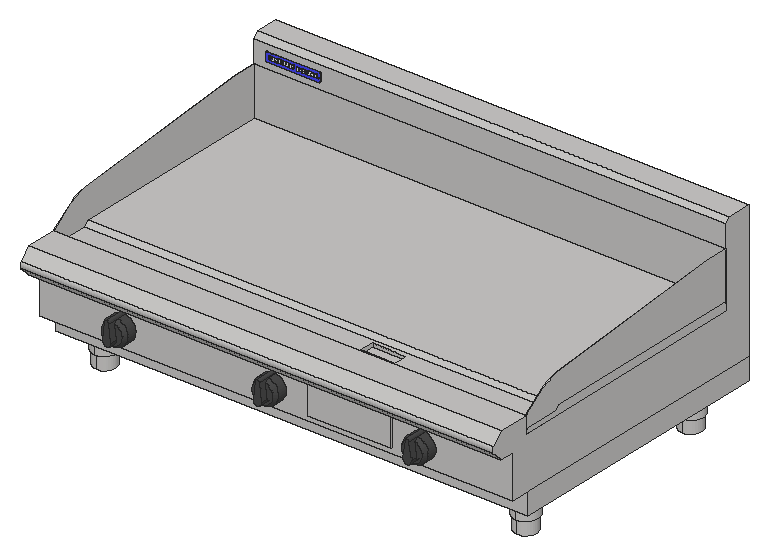
Revit family "QF_MOFFAT_BLUESEAL_AU_EP518-B", category Specialty Equipment, Revit 2012
Parameters
  Width [instance] = 1200 mm  # constant formula
  Weight in Pounds = 294  # constant formula
  Watts = 16200 W
  Volts = 400 V
  URL Cutsheet = "www.moffat.com"
  URL = "www.moffat.com"
  Type Mark [instance] = ""
  Status [instance] = ""
  Specification by User [instance] = ""
  Specification by Manufacturer = ""
  Show Logo [instance] = yes
  Serial Number = ""
  Seismic Rating = ""
  SMACNA No = ""
  Revision Code [instance] = ""
  Phase = 3
  Omniclass Number and Title = ""
  Number of Poles = 1
  NAFEM Spec ID Number = ""
  Model = "EP518-B"
  Min Ckt Ampacity = 0 A
  Max Overcurrent Protection = 0 A
  Masterspec = ""
  Manufacturer = "MOFFAT BLUESEAL"
  Item Number [instance] = ""
  Installed By [instance] = ""
  Identify Quantity as Lot [instance] = yes
  Height [instance] = 370 mm  # constant formula
  HP = ""
  Furnished By [instance] = ""
  Foodservice Equipment Identifier [instance] = yes
  FL Amps = 25 A
  Electrical Remarks [instance] = "25A PER PHASE"
  Elec Conn RI Height = 0 mm
  Elec Conn Connection Height = 0 mm
  Description = "1200MM ELECTRIC GRIDDLE PLATE BENCH MOUNT"
  Depth [instance] = 812 mm  # constant formula
  Cycle = 50 Hz
  Conn Plug = ""
  Conn Conduit = yes
  CSI MasterFormat = ""
  CSI Master Format = ""
  Base Height [instance] = 85 mm
  Apparent Power = if(Phase = 3, Volts * FL Amps * 1.73, Volts * FL Amps)  # 17300 VA
Reference planes
  plane 1 "BACK": y = 0
  plane 2: z = 0
  plane 3 "LEFT": x = 0
  plane 4 "RIGHT": x = 1200
  plane 5 "FRONT": y = -812
  plane 6 "TOP": z = 375
  plane 7 "Center Y": x = 600
  plane 8 "Center X": y = -406
  plane 9 "Base Height": z = 85
  plane 10: z = 485
  plane 11: y = -100
  plane 12: y = -625
  plane 13: x = 65.5
  plane 14: x = 1134.5
Forms (mm)
  Extrusion 1, solid, material "QF_Finishes_Stainless Steel"
    sketch origin (0, 0, 0) x (0, 1, 0) y (0, 0, 1)
      loop
        line (0, 140) -> (0, 485) -> (-57.5, 485) -> (-70, 472.5) -> (-70, 275) -> (-705, 275) -> (-705, 315) -> (-783.97, 315) -> (-808.485, 290.485)
        arc (-808.485, 290.485) -> (-811.999, 282) -> (-808.485, 273.515) r 12
        line (-808.485, 273.515) -> (-784.97, 250) -> (-749, 250) -> (-749, 140) -> (0, 140)
      loop
        line (0, 85) -> (0, 139) -> (-699, 139) -> (-699, 85) -> (0, 85)
    from 0 to 1200
  Revolve 2, solid, material "QF_Finishes_Stainless Steel"
    sketch origin (65.5, -210, 0) x (0, 1, 0) y (0, 0, 1)
      loop
        line (78.25, 85) -> (78.25, 35) -> (82.5, 35) -> (82.5, 0) -> (110, 0) -> (110, 85) -> (78.25, 85)
      axis (110, 85) -> (110, 0)
    angle from 0 to 360
  Extrusion 3, void
    sketch origin (0, -706, 134.206) x (0, 1, 0) y (-1, 0, 0)
      loop
        circle (674, -1070) r 13.5
    from 0 to -86.704
  Revolve 4, solid, material "QF_Finishes_Black"
    sketch origin (217.606, 7, -7.199) x (0, 1, 0) y (0, 0, -1)
      loop
        line (-789, -234.5) -> (-766, -234.5) -> (-766, -207) -> (-756, -207) -> (-756, -202) -> (-800, -202) -> (-800, -228.651) -> (-789, -234.5)
      axis (-800, -202) -> (-756, -202)
    angle from 0 to 360
  Extrusion 5, solid, material "QF_Finishes_Black"
    sketch origin (55.875, 0, -7.042) x (-1, 0, 0) y (0, 0, -1)
      loop
        line (-172.044, -191.036) -> (-166.624, -233.955)
        arc (-166.624, -233.955) -> (-161.625, -238.842) -> (-156.626, -233.955) r 5
        line (-156.626, -233.955) -> (-151.137, -189.869)
        arc (-151.137, -189.869) -> (-162.209, -179.37) -> (-172.044, -191.036) r 10.487
    from 759 to 808
  Revolve 6, solid, material "QF_Finishes_Stainless Steel"
    sketch origin (65.5, -728, 0) x (0, 1, 0) y (0, 0, 1)
      loop
        line (71.25, 85) -> (71.25, 35) -> (75.5, 35) -> (75.5, 0) -> (103, 0) -> (103, 85) -> (71.25, 85)
      axis (103, 85) -> (103, 0)
    angle from 0 to 360
  Extrusion 7, solid, material "QF_Finishes_Stainless Steel"
    sketch origin (0, -749, 266) x (0, 0, -1) y (1, 0, 0)
      loop
        line (25.201, 683) -> (112.1, 683) -> (112.1, 893) -> (25.201, 893) -> (25.201, 683)
    from 0 to 2.5
  Extrusion 8, solid, material "QF_Finishes_Stainless Steel"
    sketch origin (0, -751.5, 266) x (0, 0, -1) y (1, 0, 0)
      loop
        line (32.201, 893) -> (25.201, 893) -> (25.201, 683) -> (32.201, 683) -> (32.201, 893)
    from 0 to 5
  Extrusion 9, solid, material "QF_Finishes_Stainless Steel"
    sketch origin (0, -706, 134.206) x (0, 1, 0) y (-1, 0, 0)
      loop
        circle (673.862, -1069.75) r 6.35
    from 0 to -24.206
  Revolve 10, solid, material "QF_Finishes_Black"
    sketch origin (600, 7, -7.2) x (0, 1, 0) y (0, 0, -1)
      loop
        line (-789, -234.5) -> (-766, -234.5) -> (-766, -207) -> (-756, -207) -> (-756, -202) -> (-800, -202) -> (-800, -228.651) -> (-789, -234.5)
      axis (-800, -202) -> (-756, -202)
    angle from 0 to 360
  Extrusion 11, solid, material "QF_Finishes_Black"
    sketch origin (288.273, 0, -7.042) x (-1, 0, 0) y (0, 0, -1)
      loop
        line (-322.044, -191.036) -> (-316.624, -233.955)
        arc (-316.624, -233.955) -> (-311.625, -238.842) -> (-306.626, -233.955) r 5
        line (-306.626, -233.955) -> (-301.137, -189.869)
        arc (-301.137, -189.869) -> (-312.209, -179.37) -> (-322.044, -191.036) r 10.487
    from 759 to 808
  Revolve 12, solid, material "QF_Finishes_Stainless Steel"
    sketch origin (1134.5, -210, 0) x (0, 1, 0) y (0, 0, -1)
      loop
        line (78.25, -85) -> (110, -85) -> (110, 0) -> (82.5, 0) -> (82.5, -35) -> (78.25, -35) -> (78.25, -85)
      axis (110, -85) -> (110, 0)
    angle from 0 to 360
  Revolve 13, solid, material "QF_Finishes_Stainless Steel"
    sketch origin (1134.5, -728, 0) x (0, 1, 0) y (0, 0, -1)
      loop
        line (71.25, -85) -> (103, -85) -> (103, 0) -> (75.5, 0) -> (75.5, -35) -> (71.25, -35) -> (71.25, -85)
      axis (103, -85) -> (103, 0)
    angle from 0 to 360
  Revolve 14, solid, material "QF_Finishes_Black"
    sketch origin (980.116, 7, -7.2) x (0, 1, 0) y (0, 0, -1)
      loop
        line (-789, -234.5) -> (-766, -234.5) -> (-766, -207) -> (-756, -207) -> (-756, -202) -> (-800, -202) -> (-800, -228.651) -> (-789, -234.5)
      axis (-800, -202) -> (-756, -202)
    angle from 0 to 360
  Extrusion 15, solid, material "QF_Finishes_Black"
    sketch origin (668.389, 0, -7.042) x (-1, 0, 0) y (0, 0, -1)
      loop
        line (-322.044, -191.036) -> (-316.624, -233.955)
        arc (-316.624, -233.955) -> (-311.625, -238.842) -> (-306.626, -233.955) r 5
        line (-306.626, -233.955) -> (-301.137, -189.869)
        arc (-301.137, -189.869) -> (-312.209, -179.37) -> (-322.044, -191.036) r 10.487
    from 759 to 808
Cuts and joins
  joined: Revolve 4, Extrusion 5
  joined: Extrusion 7, Extrusion 8
  Extrusion 3 cuts Extrusion 1
Lines and regions (mm)
  Split face 1
    outline origin (1200, -749, 250) x (-1, 0, 0) y (0, 0, -1)
      loop
        circle (937.495, 45.2) r 7.15
  Split face 2
    outline origin (1200, -749, 250) x (-1, 0, 0) y (0, 0, -1)
      loop
        circle (937.495, 25.2) r 7.15
  Split face 3
    outline origin (495, -751.5, 153.9) x (1, 0, 0) y (0, 0, 1)
      loop
        arc (286, 77) -> (282, 73) -> (286, 69) r 4
        line (286, 69) -> (300, 69)
        arc (300, 69) -> (304, 73) -> (300, 77) r 4
        line (300, 77) -> (286, 77)
  Split face 4
    outline origin (1200, 0, 485) x (-1, 0, 0) y (0, -1, 0)
      loop
        arc (924, 45.385) -> (915.34, 40.385) -> (915.34, 30.385) r 10
        line (915.34, 30.385) -> (919.381, 23.385)
        arc (919.381, 23.385) -> (923.041, 19.725) -> (928.041, 18.385) r 10
        line (928.041, 18.385) -> (1156, 18.385)
        arc (1156, 18.385) -> (1164.66, 23.385) -> (1164.66, 33.385) r 10
        line (1164.66, 33.385) -> (1160.619, 40.385)
        arc (1160.619, 40.385) -> (1156.959, 44.045) -> (1151.959, 45.385) r 10
        line (1151.959, 45.385) -> (924, 45.385)
  Split face 5
    outline origin (1200, 0, 485) x (-1, 0, 0) y (0, -1, 0)
      loop
        arc (266, 18.385) -> (274.66, 23.385) -> (274.66, 33.385) r 10
        line (274.66, 33.385) -> (270.619, 40.385)
        arc (270.619, 40.385) -> (266.959, 44.045) -> (261.959, 45.385) r 10
        line (261.959, 45.385) -> (34, 45.385)
        arc (34, 45.385) -> (25.34, 40.385) -> (25.34, 30.385) r 10
        line (25.34, 30.385) -> (29.381, 23.385)
        arc (29.381, 23.385) -> (33.041, 19.725) -> (38.041, 18.385) r 10
        line (38.041, 18.385) -> (266, 18.385)
  Split face 6
    outline origin (1200, -749, 250) x (-1, 0, 0) y (0, 0, -1)
      loop
        circle (174.879, 45.2) r 7.15
  Split face 7
    outline origin (1200, -749, 250) x (-1, 0, 0) y (0, 0, -1)
      loop
        circle (174.879, 25.2) r 7.15
  Split face 8
    outline origin (1200, 0, 485) x (-1, 0, 0) y (0, -1, 0)
      loop
        line (636.021, 18.385) -> (863.979, 18.385)
        arc (863.979, 18.385) -> (872.64, 23.385) -> (872.64, 33.385) r 10
        line (872.64, 33.385) -> (868.598, 40.385)
        arc (868.598, 40.385) -> (864.938, 44.045) -> (859.938, 45.385) r 10
        line (859.938, 45.385) -> (631.979, 45.385)
        arc (631.979, 45.385) -> (623.319, 40.385) -> (623.319, 30.385) r 10
        line (623.319, 30.385) -> (627.36, 23.385)
        arc (627.36, 23.385) -> (631.021, 19.725) -> (636.021, 18.385) r 10
  Split face 9
    outline origin (1200, -749, 250) x (-1, 0, 0) y (0, 0, -1)
      loop
        circle (554.995, 25.2) r 7.15
  Split face 10
    outline origin (1200, -749, 250) x (-1, 0, 0) y (0, 0, -1)
      loop
        circle (554.995, 45.2) r 7.15
  Split face 11
    outline origin (1200, 0, 485) x (-1, 0, 0) y (0, -1, 0)
      loop
        arc (566, 18.385) -> (574.66, 23.385) -> (574.66, 33.385) r 10
        line (574.66, 33.385) -> (570.619, 40.385)
        arc (570.619, 40.385) -> (566.959, 44.045) -> (561.959, 45.385) r 10
        line (561.959, 45.385) -> (334, 45.385)
        arc (334, 45.385) -> (325.34, 40.385) -> (325.34, 30.385) r 10
        line (325.34, 30.385) -> (329.381, 23.385)
        arc (329.381, 23.385) -> (333.041, 19.725) -> (338.041, 18.385) r 10
        line (338.041, 18.385) -> (566, 18.385)
  symbolic lines
    curve 1: line (0, -812, 0) -> (1200, -812, 0)
    curve 2: line (0, 0, 0) -> (0, -812, 0)
    curve 3: line (1200, 0, 0) -> (0, 0, 0)
    curve 4: line (0, -70, 0) -> (1200, -70, 0)
    curve 5: line (1200, -712, 0) -> (0, -712, 0)
    curve 6: line (1200, -812, 0) -> (1200, 0, 0)
    curve 7: line (0, -57.5, 0) -> (1200, -57.5, 0)
    curve 8: line (276, -45.385, 0) -> (48.041, -45.385, 0)
    curve 9: arc (48.041, -45.385, 0) -> (43.041, -44.045, 0) -> (39.381, -40.385, 0) r 10
    curve 10: line (39.381, -40.385, 0) -> (35.34, -33.385, 0)
    curve 11: arc (35.34, -33.385, 0) -> (35.34, -23.385, 0) -> (44, -18.385, 0) r 10
    curve 12: line (44, -18.385, 0) -> (271.959, -18.385, 0)
    curve 13: arc (271.959, -18.385, 0) -> (276.959, -19.725, 0) -> (280.619, -23.385, 0) r 10
    curve 14: line (280.619, -23.385, 0) -> (284.66, -30.385, 0)
    curve 15: arc (284.66, -30.385, 0) -> (284.66, -40.385, 0) -> (276, -45.385, 0) r 10
    curve 16: line (568.021, -45.385, 0) -> (340.062, -45.385, 0)
    curve 17: arc (340.062, -45.385, 0) -> (335.062, -44.045, 0) -> (331.402, -40.385, 0) r 10
    curve 18: line (331.402, -40.385, 0) -> (327.36, -33.385, 0)
    curve 19: arc (327.36, -33.385, 0) -> (327.36, -23.385, 0) -> (336.021, -18.385, 0) r 10
    curve 20: line (336.021, -18.385, 0) -> (563.979, -18.385, 0)
    curve 21: arc (563.979, -18.385, 0) -> (568.979, -19.725, 0) -> (572.64, -23.385, 0) r 10
    curve 22: line (572.64, -23.385, 0) -> (576.681, -30.385, 0)
    curve 23: arc (576.681, -30.385, 0) -> (576.681, -40.385, 0) -> (568.021, -45.385, 0) r 10
    curve 24: line (866, -45.385, 0) -> (638.041, -45.385, 0)
    curve 25: arc (638.041, -45.385, 0) -> (633.041, -44.045, 0) -> (629.381, -40.385, 0) r 10
    curve 26: line (629.381, -40.385, 0) -> (625.34, -33.385, 0)
    curve 27: arc (625.34, -33.385, 0) -> (625.34, -23.385, 0) -> (634, -18.385, 0) r 10
    curve 28: line (634, -18.385, 0) -> (861.959, -18.385, 0)
    curve 29: arc (861.959, -18.385, 0) -> (866.959, -19.725, 0) -> (870.619, -23.385, 0) r 10
    curve 30: line (870.619, -23.385, 0) -> (874.66, -30.385, 0)
    curve 31: arc (874.66, -30.385, 0) -> (874.66, -40.385, 0) -> (866, -45.385, 0) r 10
    curve 32: line (0, -783.97, 0) -> (1200, -783.97, 0)
    curve 33: line (934, -18.385, 0) -> (1161.959, -18.385, 0)
    curve 34: arc (1161.959, -18.385, 0) -> (1166.959, -19.725, 0) -> (1170.619, -23.385, 0) r 10
    curve 35: line (1170.619, -23.385, 0) -> (1174.66, -30.385, 0)
    curve 36: arc (1174.66, -30.385, 0) -> (1174.66, -40.385, 0) -> (1166, -45.385, 0) r 10
    curve 37: line (1166, -45.385, 0) -> (938.041, -45.385, 0)
    curve 38: arc (938.041, -45.385, 0) -> (933.041, -44.045, 0) -> (929.381, -40.385, 0) r 10
    curve 39: line (929.381, -40.385, 0) -> (925.34, -33.385, 0)
    curve 40: arc (925.34, -33.385, 0) -> (925.34, -23.385, 0) -> (934, -18.385, 0) r 10
Dimensions and locks
  equal spacing: plane 3 "LEFT", plane 7 "Center Y", plane 4 "RIGHT"
  "Width": plane 3 "LEFT" to plane 4 "RIGHT"
  equal spacing: plane 5 "FRONT", plane 8 "Center X", plane 1 "BACK"
  "Depth": plane 5 "FRONT" to plane 1 "BACK"
  "Base Height": plane 9 "Base Height" to level
  locked: plane 6 "TOP" to plane 9 "Base Height" at 290
  plane 6 "TOP" to level = 375 mm
  plane 10 to plane 2 = 485 mm  (x2)
  aligned and locked: level to plane 2
  aligned and locked: Revolve 2 sketch curve to plane 9 "Base Height"
Automatic sketch dimensions
  curve 1 to plane 3 "LEFT" = 0 mm
  plane 1 "BACK" to curve 3 = 0 mm
  curve 3 to plane 4 "RIGHT" = 0 mm
  plane 5 "FRONT" to curve 1 = 0 mm
  curve 10 to plane 13 = 30.16 mm
  curve 10 to curve 10 = 4.041 mm
  curve 10 to curve 12 = 8.66 mm
  curve 10 to curve 8 = 8.66 mm
  plane 1 "BACK" to curve 13 = 18.385 mm
  plane 13 to curve 13 = 206.459 mm
  curve 13 to curve 15 = 4.041 mm
  plane 1 "BACK" to curve 14 = 23.385 mm
  curve 13 to curve 14 = 8.66 mm
  plane 1 "BACK" to curve 14 = 30.385 mm
  curve 13 to curve 14 = 4.041 mm
  curve 15 to curve 19 = 42.7 mm
  plane 1 "BACK" to curve 18 = 40.385 mm
  curve 18 to curve 18 = 4.041 mm
  curve 18 to curve 20 = 8.66 mm
  curve 19 to curve 17 = 4.041 mm
  plane 1 "BACK" to curve 21 = 18.385 mm
  curve 21 to plane 7 "Center Y" = 36.021 mm
  curve 21 to curve 23 = 4.041 mm
  plane 1 "BACK" to curve 22 = 23.385 mm
  curve 21 to curve 22 = 8.66 mm
  curve 21 to curve 22 = 4.041 mm
  plane 7 "Center Y" to curve 26 = 25.34 mm
  curve 26 to curve 25 = 4.041 mm
  curve 27 to curve 27 = 8.66 mm
  curve 27 to curve 25 = 4.041 mm
  plane 1 "BACK" to curve 29 = 18.385 mm
  curve 25 to curve 29 = 223.917 mm
  curve 29 to curve 24 = 4.041 mm
  plane 1 "BACK" to curve 30 = 23.385 mm
  curve 29 to curve 30 = 8.66 mm
  plane 1 "BACK" to curve 30 = 30.385 mm
  curve 30 to curve 30 = 4.041 mm
  curve 32 to plane 5 "FRONT" = 28.03 mm
  curve 32 to curve 5 = 71.97 mm
  plane 11 to curve 4 = 30 mm
  curve 4 to curve 7 = 12.5 mm
  curve 16 to curve 21 = 17 mm
  curve 31 to curve 30 = 15 mm
  curve 8 to curve 15 = 15 mm
  curve 8 to curve 10 = 5 mm
  curve 24 to curve 25 = 5 mm
  curve 23 to curve 21 = 7 mm
  curve 9 to curve 10 = 7 mm
  curve 26 to curve 26 = 7 mm
  curve 17 to curve 18 = 7 mm
  Extrusion 1 sketch curve to plane 9 "Base Height" = 0 mm
  Extrusion 1 sketch curve to plane 10 = 0 mm
  Extrusion 1 sketch curve to plane 1 "BACK" = 0 mm  (x2)
  plane 11 to Extrusion 1 sketch curve = 42.5 mm
  Extrusion 1 sketch curve to Extrusion 1 sketch curve = 12.5 mm
  Extrusion 1 sketch curve to plane 12 = 74 mm
  Extrusion 1 sketch curve to plane 12 = 80 mm
  Extrusion 1 sketch curve to Extrusion 1 sketch curve = 50 mm
  Extrusion 1 sketch curve to plane 5 "FRONT" = 28.03 mm
  Extrusion 1 sketch curve to plane 5 "FRONT" = 27.03 mm
  Extrusion 1 sketch curve to plane 5 "FRONT" = 12.001 mm
  Extrusion 1 sketch curve to plane 5 "FRONT" = 3.515 mm  (x2)
  plane 9 "Base Height" to Extrusion 1 sketch curve = 54 mm
  Extrusion 1 sketch curve to Extrusion 1 sketch curve = 1 mm
  Extrusion 1 sketch curve to Extrusion 1 sketch curve = 110 mm
  Extrusion 1 sketch curve to Extrusion 1 sketch curve = 23.515 mm
  Extrusion 1 sketch curve to plane 6 "TOP" = 100 mm
  Extrusion 1 sketch curve to Extrusion 1 sketch curve = 8.485 mm
  Extrusion 1 sketch curve to Extrusion 1 sketch curve = 40 mm
  Extrusion 1 sketch curve to plane 10 = 12.5 mm
  Revolve 2 sketch curve to level = 0 mm
  Revolve 2 sketch curve to plane 11 = 0 mm  (x2)
  Revolve 2 sketch curve to Revolve 2 sketch curve = 27.5 mm
  Revolve 2 sketch curve to Revolve 2 sketch curve = 31.75 mm
  Revolve 2 sketch curve to Revolve 2 sketch curve = 55 mm
  level to Revolve 2 sketch curve = 35 mm
  Revolve 2 sketch curve to plane 9 "Base Height" = 30 mm
  plane 1 "BACK" to Extrusion 3 sketch curve = 32 mm
  plane 14 to Extrusion 3 sketch curve = 64.5 mm
  Revolve 4 sketch curve to plane 5 "FRONT" = 19 mm
  Revolve 4 sketch curve to Revolve 4 sketch curve = 0 mm  (x2)
  Revolve 4 sketch curve to Revolve 4 sketch curve = 11 mm
  Revolve 4 sketch curve to Revolve 4 sketch curve = 12.7 mm
  Revolve 4 sketch curve to Revolve 4 sketch curve = 23 mm
  Revolve 4 sketch curve to Revolve 4 sketch curve = 10 mm
  plane 9 "Base Height" to Revolve 4 sketch curve = 142.301 mm
  Revolve 4 sketch curve to Revolve 4 sketch curve = 5.849 mm
  Revolve 4 sketch curve to Revolve 4 sketch curve = 27.5 mm
  Revolve 4 sketch curve to Revolve 4 sketch curve = 5 mm
  plane 13 to Extrusion 5 sketch curve = 162.419 mm
  Extrusion 5 sketch curve to Extrusion 5 sketch curve = 5.421 mm
  Extrusion 5 sketch curve to Extrusion 5 sketch curve = 10.419 mm
  Extrusion 5 sketch curve to Extrusion 5 sketch curve = 4.999 mm  (x2)
  plane 9 "Base Height" to Extrusion 5 sketch curve = 141.913 mm
  Extrusion 5 sketch curve to Extrusion 5 sketch curve = 10.487 mm
  Extrusion 5 sketch curve to Extrusion 5 sketch curve = 0.113 mm
  Extrusion 5 sketch curve to Extrusion 5 sketch curve = 42.919 mm
  Extrusion 5 sketch curve to Extrusion 5 sketch curve = 1.167 mm
  Revolve 6 sketch curve to plane 9 "Base Height" = 0 mm
  Revolve 6 sketch curve to level = 0 mm
  Revolve 6 sketch curve to plane 12 = 0 mm  (x2)
  Revolve 6 sketch curve to Revolve 6 sketch curve = 27.5 mm
  Revolve 6 sketch curve to Revolve 6 sketch curve = 31.75 mm
  Revolve 6 sketch curve to Revolve 6 sketch curve = 55 mm
  level to Revolve 6 sketch curve = 35 mm
  Revolve 6 sketch curve to Revolve 6 sketch curve = 30 mm
  Extrusion 7 sketch curve to plane 6 "TOP" = 134.201 mm
  plane 9 "Base Height" to Extrusion 7 sketch curve = 68.9 mm
  plane 7 "Center Y" to Extrusion 7 sketch curve = 83 mm
  Extrusion 7 sketch curve to Extrusion 7 sketch curve = 210 mm
  Extrusion 8 sketch curve to Extrusion 7 = 0 mm  (x2)
  Extrusion 7 to Extrusion 8 sketch curve = 0 mm
  Extrusion 8 sketch curve to Extrusion 8 sketch curve = 7 mm
  plane 1 "BACK" to Extrusion 9 sketch curve = 32.138 mm
  plane 14 to Extrusion 9 sketch curve = 64.75 mm
  cut or joined group of Extrusion 1, Extrusion 3 to Split face 1 sketch curve = 45.2 mm
  Split face 1 sketch curve to cut or joined group of Extrusion 1, Extrusion 3 = 262.505 mm
  cut or joined group of Extrusion 1, Extrusion 3 to Split face 2 sketch curve = 25.2 mm
  Split face 2 sketch curve to cut or joined group of Extrusion 1, Extrusion 3 = 262.505 mm
  cut or joined group of Extrusion 7, Extrusion 8 to Split face 3 sketch curve = 6.899 mm
  Split face 3 sketch curve to cut or joined group of Extrusion 7, Extrusion 8 = 98 mm
  Split face 3 sketch curve to Split face 3 sketch curve = 14 mm
  Split face 3 sketch curve to Split face 3 sketch curve = 4 mm
  Split face 4 sketch curve to cut or joined group of Extrusion 1, Extrusion 3 = 27.115 mm
  Split face 4 sketch curve to cut or joined group of Extrusion 1, Extrusion 3 = 284.66 mm
  Split face 4 sketch curve to cut or joined group of Extrusion 1, Extrusion 3 = 23.385 mm
  Split face 4 sketch curve to Split face 4 sketch curve = 4.041 mm  (x4)
  Split face 4 sketch curve to Split face 4 sketch curve = 8.66 mm  (x2)
  Split face 4 sketch curve to cut or joined group of Extrusion 1, Extrusion 3 = 22.115 mm
  Split face 4 sketch curve to cut or joined group of Extrusion 1, Extrusion 3 = 48.041 mm
  Split face 4 sketch curve to cut or joined group of Extrusion 1, Extrusion 3 = 17.115 mm
  Split face 4 sketch curve to Split face 4 sketch curve = 17 mm
  Split face 4 sketch curve to Split face 4 sketch curve = 7 mm
  Split face 5 sketch curve to cut or joined group of Extrusion 1, Extrusion 3 = 25.34 mm
  Split face 5 sketch curve to Split face 5 sketch curve = 4.041 mm  (x4)
  Split face 5 sketch curve to Split face 5 sketch curve = 8.66 mm  (x2)
  Split face 5 sketch curve to cut or joined group of Extrusion 1, Extrusion 3 = 12.115 mm
  Split face 5 sketch curve to Split face 5 sketch curve = 223.917 mm
  Split face 5 sketch curve to Split face 5 sketch curve = 5 mm
  Split face 5 sketch curve to Split face 5 sketch curve = 10 mm
  Split face 5 sketch curve to Split face 5 sketch curve = 7 mm  (x3)
  Revolve 10 sketch curve to plane 5 "FRONT" = 19 mm
  Revolve 10 sketch curve to Revolve 10 sketch curve = 0 mm  (x2)
  Revolve 10 sketch curve to Revolve 10 sketch curve = 11 mm
  Revolve 10 sketch curve to Revolve 10 sketch curve = 12.7 mm
  Revolve 10 sketch curve to Revolve 10 sketch curve = 23 mm
  Revolve 10 sketch curve to Revolve 10 sketch curve = 10 mm
  plane 9 "Base Height" to Revolve 10 sketch curve = 142.3 mm
  Revolve 10 sketch curve to Revolve 10 sketch curve = 5.849 mm
  Revolve 10 sketch curve to Revolve 10 sketch curve = 27.5 mm
  Revolve 10 sketch curve to Revolve 10 sketch curve = 5 mm
  plane 7 "Center Y" to Extrusion 11 sketch curve = 10.317 mm
  plane 7 "Center Y" to Extrusion 11 sketch curve = 4.896 mm
  Extrusion 11 sketch curve to plane 7 "Center Y" = 0.102 mm  (x2)
  Extrusion 11 sketch curve to Extrusion 11 sketch curve = 4.999 mm
  Extrusion 11 sketch curve to Extrusion 11 sketch curve = 10.487 mm
  plane 9 "Base Height" to Extrusion 11 sketch curve = 141.913 mm
  Extrusion 11 sketch curve to Extrusion 11 sketch curve = 0.113 mm
  Extrusion 11 sketch curve to Extrusion 11 sketch curve = 42.919 mm
  Extrusion 11 sketch curve to Extrusion 11 sketch curve = 1.167 mm
  cut or joined group of Extrusion 1, Extrusion 3 to Split face 6 sketch curve = 45.2 mm
  Split face 6 sketch curve to cut or joined group of Extrusion 1, Extrusion 3 = 174.879 mm
  cut or joined group of Extrusion 1, Extrusion 3 to Split face 7 sketch curve = 25.2 mm
  Split face 7 sketch curve to cut or joined group of Extrusion 1, Extrusion 3 = 174.879 mm
  Split face 8 sketch curve to cut or joined group of Extrusion 1, Extrusion 3 = 27.115 mm
  Split face 8 sketch curve to cut or joined group of Extrusion 1, Extrusion 3 = 576.681 mm
  Split face 8 sketch curve to cut or joined group of Extrusion 1, Extrusion 3 = 23.385 mm
  Split face 8 sketch curve to Split face 8 sketch curve = 4.041 mm  (x3)
  Split face 8 sketch curve to Split face 8 sketch curve = 8.66 mm  (x3)
  Split face 8 sketch curve to cut or joined group of Extrusion 1, Extrusion 3 = 12.115 mm
  Split face 8 sketch curve to Split face 8 sketch curve = 223.917 mm
  Split face 8 sketch curve to cut or joined group of Extrusion 1, Extrusion 3 = 18.385 mm
  Split face 8 sketch curve to Split face 8 sketch curve = 10 mm
  Split face 8 sketch curve to Split face 8 sketch curve = 7 mm
  Revolve 12 sketch curve to plane 9 "Base Height" = 0 mm
  Revolve 12 sketch curve to level = 0 mm
  Revolve 12 sketch curve to plane 11 = 0 mm  (x2)
  Revolve 12 sketch curve to Revolve 12 sketch curve = 27.5 mm
  Revolve 12 sketch curve to Revolve 12 sketch curve = 31.75 mm
  Revolve 12 sketch curve to plane 9 "Base Height" = 30 mm
  Revolve 12 sketch curve to Revolve 12 sketch curve = 20 mm
  Revolve 12 sketch curve to level = 55 mm
  Revolve 13 sketch curve to plane 9 "Base Height" = 0 mm
  Revolve 13 sketch curve to level = 0 mm
  Revolve 13 sketch curve to plane 12 = 0 mm  (x2)
  Revolve 13 sketch curve to Revolve 13 sketch curve = 27.5 mm
  Revolve 13 sketch curve to Revolve 13 sketch curve = 31.75 mm
  Revolve 13 sketch curve to Revolve 13 sketch curve = 30 mm
  Revolve 13 sketch curve to Revolve 13 sketch curve = 20 mm
  Revolve 13 sketch curve to level = 55 mm
  Revolve 14 sketch curve to plane 5 "FRONT" = 19 mm
  Revolve 14 sketch curve to Revolve 14 sketch curve = 0 mm  (x2)
  Revolve 14 sketch curve to Revolve 14 sketch curve = 11 mm
  Revolve 14 sketch curve to Revolve 14 sketch curve = 12.7 mm
  Revolve 14 sketch curve to Revolve 14 sketch curve = 23 mm
  Revolve 14 sketch curve to Revolve 14 sketch curve = 10 mm
  plane 9 "Base Height" to Revolve 14 sketch curve = 142.3 mm
  Revolve 14 sketch curve to Revolve 14 sketch curve = 5.849 mm
  Revolve 14 sketch curve to Revolve 14 sketch curve = 27.5 mm
  Revolve 14 sketch curve to Revolve 14 sketch curve = 5 mm
  plane 14 to Extrusion 15 sketch curve = 144.067 mm
  Extrusion 15 sketch curve to Extrusion 15 sketch curve = 5.421 mm
  Extrusion 15 sketch curve to Extrusion 15 sketch curve = 10.419 mm
  Extrusion 15 sketch curve to Extrusion 15 sketch curve = 4.999 mm  (x2)
  plane 9 "Base Height" to Extrusion 15 sketch curve = 141.913 mm
  Extrusion 15 sketch curve to Extrusion 15 sketch curve = 10.487 mm
  Extrusion 15 sketch curve to Extrusion 15 sketch curve = 0.113 mm
  Extrusion 15 sketch curve to Extrusion 15 sketch curve = 42.919 mm
  Extrusion 15 sketch curve to Extrusion 15 sketch curve = 1.167 mm
  Split face 11 sketch curve to cut or joined group of Extrusion 1, Extrusion 3 = 27.115 mm
  Split face 11 sketch curve to cut or joined group of Extrusion 1, Extrusion 3 = 325.34 mm
  Split face 11 sketch curve to Split face 11 sketch curve = 4.041 mm  (x4)
  Split face 11 sketch curve to Split face 11 sketch curve = 8.66 mm  (x2)
  Split face 11 sketch curve to cut or joined group of Extrusion 1, Extrusion 3 = 12.115 mm
  Split face 11 sketch curve to Split face 11 sketch curve = 223.917 mm
  Split face 11 sketch curve to Split face 11 sketch curve = 7 mm  (x3)
  Split face 11 sketch curve to Split face 11 sketch curve = 17 mm
  plane 1 "BACK" to curve 39 = 33.385 mm
  curve 30 to curve 39 = 50.679 mm
  plane 1 "BACK" to curve 39 = 40.385 mm
  curve 40 to curve 39 = 4.041 mm
  curve 39 to curve 40 = 8.66 mm
  curve 40 to curve 38 = 4.041 mm
  curve 34 to plane 14 = 27.459 mm
  curve 34 to curve 37 = 4.041 mm
  plane 1 "BACK" to curve 35 = 23.385 mm
  curve 33 to curve 35 = 8.66 mm
  curve 34 to curve 35 = 4.041 mm
  curve 37 to curve 34 = 22 mm
  curve 37 to curve 36 = 10 mm
  curve 38 to curve 40 = 7 mm
  radius of Extrusion 3 sketch curve = 13.5 mm
  radius of Extrusion 9 sketch curve = 6.35 mm
  radius of Split face 1 sketch curve = 7.15 mm
  radius of Split face 2 sketch curve = 7.15 mm
  radius of Split face 6 sketch curve = 7.15 mm
  radius of Split face 7 sketch curve = 7.15 mm
Nested families
  nested 1: "WALDORF LOGO_FACE BASE" at (32, -70, 456.885) x (1, 0, 0) z (0, -1, 0), visible <- "Show Logo", type "WALDORF LOGO_FACE BASE", detail levels medium+fine
    with Show Logo yes
  nested 2: "ELECTRIC GRIDDLE PLATE" at (0, -70.003, 274.5), type "ELECTRIC GRIDDLE PLATE"
    with Type Mark "", Status "", Specification by User "", Revision Code "", Item Number "", Installed By "", Identify Quantity as Lot yes, Furnished By "", Foodservice Equipment Identifier yes
Connectors
  electrical at (1069.75, -32.138, 110), driven by "Volts", driven by "Watts"
    settings: on Extrusion 9, index 1, voltage 400 V, apparent load 16200 VA, apparent load phase1 0 VA, apparent load phase2 0 VA, apparent load phase3 0 VA, power factor 1, load classification "Other", number of poles 1, system type 30, power factor state 1, is connector primary yes, connector utility no, sub classification motor no, connector description "ELECTRICAL CONNECTION"
Definition of nested family "WALDORF LOGO_FACE BASE"
  Parameters (values of type "WALDORF LOGO_FACE BASE")
    Show Logo [instance] = yes
    Default Elevation = 1219.2 mm
  Reference planes
    plane 1 "Center (Front/Back)": y = 0
    plane 2: z = 0
    plane 3 "Center (Left/Right)": x = 0
  Forms (mm)
    Extrusion 1, solid
      sketch origin (0, 0, 0) x (1, 0, 0) y (0, 1, 0)
        loop
          line (-1219.2, 1219.2) -> (-1219.2, -1219.2) -> (1219.2, -1219.2) -> (1219.2, 1219.2) -> (-1219.2, 1219.2)
      from 0 to -304.8
    Extrusion 2, solid, material "QF_Finishes_Blue", visible <- "Show Logo"
      sketch origin (0, -33.217, 0) x (1, 0, 0) y (0, 1, 0)
        loop
          arc (138, 31.942) -> (137.626, 32.844) -> (136.724, 33.217) r 1.276
          line (136.724, 33.217) -> (1.29, 33.217)
          arc (1.29, 33.217) -> (0.378, 32.839) -> (0, 31.927) r 1.29
          line (0, 31.927) -> (0, 11.507)
          arc (0, 11.507) -> (0.378, 10.595) -> (1.29, 10.217) r 1.29
          line (1.29, 10.217) -> (136.71, 10.217)
          arc (136.71, 10.217) -> (137.622, 10.595) -> (138, 11.507) r 1.29
          line (138, 11.507) -> (138, 31.942)
      from 0 to 1.588
    Extrusion 3, solid, material "QF_Finishes_White", visible <- "Show Logo"
      sketch origin (0, -33.217, 1.588) x (1, 0, 0) y (0, 1, 0)
        loop
          arc (108.946, 25.919) -> (107.613, 25.367) -> (107.061, 24.034) r 1.885
          line (107.061, 24.034) -> (107.061, 17.211) -> (112.704, 17.211) -> (112.704, 19.129) -> (115.546, 19.129) -> (115.546, 17.211) -> (121.584, 17.211) -> (121.584, 24.075)
          arc (121.584, 24.075) -> (121.043, 25.379) -> (119.739, 25.919) r 1.845
          line (119.739, 25.919) -> (108.946, 25.919)
        loop
          line (123.478, 25.919) -> (123.478, 17.163) -> (134.904, 17.163) -> (134.904, 19.129) -> (129.246, 19.129) -> (129.246, 25.919) -> (123.478, 25.919)
        loop
          line (112.704, 21.258) -> (115.546, 21.258) -> (115.546, 22.702)
          arc (115.546, 22.702) -> (115.344, 23.188) -> (114.858, 23.389) r 0.687
          line (114.858, 23.389) -> (113.363, 23.389)
          arc (113.363, 23.389) -> (112.897, 23.196) -> (112.704, 22.73) r 0.658
          line (112.704, 22.73) -> (112.704, 21.258)
        loop
          line (105.071, 25.919) -> (93.771, 25.919) -> (93.771, 17.163) -> (105.071, 17.163) -> (105.071, 19.063) -> (99.535, 19.063) -> (99.535, 20.437) -> (105.071, 20.437) -> (105.071, 22.278) -> (99.535, 22.278) -> (99.535, 23.587) -> (105.071, 23.587) -> (105.071, 25.919)
        loop
          line (91.104, 25.919) -> (79.541, 25.919)
          arc (79.541, 25.919) -> (78.558, 25.513) -> (78.152, 24.53) r 1.389
          line (78.152, 24.53) -> (78.152, 22.08)
          arc (78.152, 22.08) -> (78.558, 21.098) -> (79.541, 20.691) r 1.389
          line (79.541, 20.691) -> (86.346, 20.691) -> (86.346, 18.864) -> (83.266, 18.864) -> (83.266, 19.664) -> (78.152, 19.664) -> (78.152, 18.553)
          arc (78.152, 18.553) -> (78.558, 17.57) -> (79.541, 17.163) r 1.389
          line (79.541, 17.163) -> (91.063, 17.163)
          arc (91.063, 17.163) -> (92.045, 17.57) -> (92.452, 18.553) r 1.389
          line (92.452, 18.553) -> (92.452, 20.691)
          arc (92.452, 20.691) -> (92.045, 21.673) -> (91.063, 22.08) r 1.389
          line (91.063, 22.08) -> (83.266, 22.08) -> (83.266, 23.984) -> (86.346, 23.984) -> (86.346, 22.743) -> (92.452, 22.743) -> (92.452, 24.571)
          arc (92.452, 24.571) -> (92.057, 25.524) -> (91.104, 25.919) r 1.348
        loop
          line (70.705, 25.919) -> (59.405, 25.919) -> (59.405, 17.163) -> (70.705, 17.163) -> (70.705, 19.063) -> (65.169, 19.063) -> (65.169, 20.437) -> (70.705, 20.437) -> (70.705, 22.278) -> (65.169, 22.278) -> (65.169, 23.587) -> (70.705, 23.587) -> (70.705, 25.919)
        loop
          line (57.598, 25.919) -> (51.7, 25.919) -> (51.7, 20.18)
          arc (51.7, 20.18) -> (50.63, 19.11) -> (49.56, 20.18) r 1.07
          line (49.56, 20.18) -> (49.56, 25.919) -> (43.663, 25.919) -> (43.663, 19.049)
          arc (43.663, 19.049) -> (44.215, 17.716) -> (45.548, 17.163) r 1.885
          line (45.548, 17.163) -> (55.71, 17.163)
          arc (55.71, 17.163) -> (57.045, 17.716) -> (57.598, 19.051) r 1.887
          line (57.598, 19.051) -> (57.598, 25.919)
        loop
          line (31.62, 25.919) -> (31.62, 17.163) -> (43.046, 17.163) -> (43.046, 19.129) -> (37.388, 19.129) -> (37.388, 25.919) -> (31.62, 25.919)
        loop
          line (15.969, 25.919) -> (15.969, 17.163) -> (28.693, 17.163)
          arc (28.693, 17.163) -> (29.812, 17.627) -> (30.276, 18.746) r 1.582
          line (30.276, 18.746) -> (30.276, 20.447) -> (29.48, 21.243) -> (30.276, 22.039) -> (30.276, 24.332)
          arc (30.276, 24.332) -> (29.811, 25.454) -> (28.688, 25.919) r 1.587
          line (28.688, 25.919) -> (15.969, 25.919)
        loop
          line (21.449, 24.159) -> (21.449, 22.436) -> (23.862, 22.436)
          arc (23.862, 22.436) -> (24.723, 23.298) -> (23.862, 24.159) r 0.861
          line (23.862, 24.159) -> (21.449, 24.159)
        loop
          line (21.449, 20.244) -> (21.449, 18.522) -> (23.862, 18.522)
          arc (23.862, 18.522) -> (24.723, 19.383) -> (23.862, 20.244) r 0.861
          line (23.862, 20.244) -> (21.449, 20.244)
      from 0 to 0.2
    Extrusion 4, solid, material "QF_Finishes_Blue", visible <- "Show Logo"
      sketch origin (-126.498, -31.09, 1.588) x (1, 0, 0) y (0, 1, 0)
        loop
          line (136.738, 23.522) -> (136.738, 15.1)
          arc (136.738, 15.1) -> (140.756, 19.311) -> (136.738, 23.522) r 4.216
      from 0 to 0.2
    Extrusion 5, solid, material "QF_Finishes_Red", visible <- "Show Logo"
      sketch origin (146.849, -31.09, 1.588) x (-1, 0, 0) y (0, -1, 0)
        loop
          arc (136.738, -23.522) -> (140.756, -19.311) -> (136.738, -15.1) r 4.216
          line (136.738, -15.1) -> (136.738, -23.522)
      from 0 to 0.2
  Lines and regions (mm)
    Split face 1
      outline origin (-90.35, -30.793, 1.588) x (1, 0, 0) y (0, 1, 0)
        loop
          circle (100.54, 19.013) r 4.536
  Dimensions and locks
    aligned and locked: plane 2 to Extrusion 1
    aligned and locked: level to Extrusion 1
Definition of nested family "ELECTRIC GRIDDLE PLATE"
  Parameters (values of type "ELECTRIC GRIDDLE PLATE")
    Weight in Pounds = 0
    URL Cutsheet = ""
    Type Mark [instance] = ""
    Status [instance] = ""
    Specification by User [instance] = ""
    Specification by Manufacturer = ""
    Serial Number = ""
    Seismic Rating = ""
    SMACNA No = ""
    Revision Code [instance] = ""
    Omniclass Number and Title = ""
    NAFEM Spec ID Number = ""
    Masterspec = ""
    Item Number [instance] = ""
    Installed By [instance] = ""
    Identify Quantity as Lot [instance] = yes
    Furnished By [instance] = ""
    Foodservice Equipment Identifier [instance] = yes
    CSI MasterFormat = ""
    CSI Master Format = ""
  Reference planes
    plane 1 "BACK": y = 0
    plane 2: z = 0
    plane 3 "LEFT": x = 0
    plane 4 "RIGHT": x = 1200
    plane 5 "FRONT": y = -635
    plane 6 "TOP": z = 142.5
    plane 7 "Center Y": x = 600
    plane 8 "Center X": y = -317.5
  Forms (mm)
    Extrusion 1, solid, material "QF_Finishes_Stainless Steel"
      sketch origin (0, 70.003, -874.5) x (0, 1, 0) y (0, 0, 1)
        loop
          line (-70, 875) -> (-70, 1017) -> (-127.048, 1017) -> (-605.133, 971.023)
          arc (-605.133, 971.023) -> (-630.16, 965.303) -> (-652.906, 953.399) r 100
          line (-652.906, 953.399) -> (-705.003, 916.5) -> (-705.003, 875) -> (-70, 875)
      from 0 to 1.8
    Extrusion 2, solid, material "QF_Finishes_Stainless Steel"
      sketch origin (1200, 0, 0) x (0, -1, 0) y (0, 0, 1)
        loop
          line (57.045, 142.5) -> (-0.003, 142.5) -> (-0.003, 0.5) -> (635, 0.5) -> (635, 42) -> (582.903, 78.899)
          arc (582.903, 78.899) -> (560.157, 90.803) -> (535.13, 96.523) r 100
          line (535.13, 96.523) -> (57.045, 142.5)
      from 0 to 1.8
    Extrusion 3, solid, material "QF_Finishes_Stainless Steel"
      sketch origin (150, 70.003, -874.5) x (0, 1, 0) y (0, 0, 1)
        loop
          line (-70, 895) -> (-601, 895) -> (-611.5, 884.5) -> (-704.403, 884.5) -> (-704.403, 875) -> (-70, 875) -> (-70, 895)
      from -148.2 to 1050
    Extrusion 4, void
      sketch origin (150, -541.497, 10) x (0, -1, 0) y (1, 0, 0)
        loop
          line (10.6, 681.25) -> (10.6, 592.75) -> (49.1, 592.75) -> (49.1, 681.25) -> (10.6, 681.25)
      from -41.4 to 40.142
    Extrusion 5, solid, material "QF_Finishes_Stainless Steel"
      sketch origin (150, 0.003, 211.574) x (0, 0, -1) y (1, 0, 0)
        loop
          line (69.074, -148.2) -> (191.074, -148.2) -> (191.074, 1050) -> (69.074, 1050) -> (69.074, -148.2)
      from 0 to 1.683
  Cuts and joins
    Extrusion 4 cuts Extrusion 3
  Lines and regions (mm)
    symbolic lines
      curve 1: line (1200, -530.997, 0) -> (0, -530.997, 0)
      curve 2: line (0, -541.497, 0) -> (1200, -541.497, 0)
      curve 3: line (742.75, -552.097, 0) -> (742.75, -590.597, 0)
      curve 4: line (742.75, -590.597, 0) -> (831.25, -590.597, 0)
      curve 5: line (831.25, -590.597, 0) -> (831.25, -552.097, 0)
      curve 6: line (831.25, -552.097, 0) -> (742.75, -552.097, 0)
      curve 7: line (0, 0, 0) -> (1200, 0, 0)
      curve 8: line (0, -635, 0) -> (0, 0, 0)
      curve 9: line (0, -635, 0) -> (1200, -635, 0)
      curve 10: line (1200, -635, 0) -> (1200, 0, 0)
  Dimensions and locks
    equal spacing: plane 3 "LEFT", plane 7 "Center Y", plane 4 "RIGHT"
    plane 3 "LEFT" to plane 4 "RIGHT" = 1200 mm
    equal spacing: plane 5 "FRONT", plane 8 "Center X", plane 1 "BACK"
    plane 5 "FRONT" to plane 1 "BACK" = 635 mm
    aligned and locked: level to plane 2
    aligned and locked: cut or joined group of Extrusion 3, Extrusion 4 to plane 4 "RIGHT"
    aligned and locked: Extrusion 5 to plane 4 "RIGHT"
  Automatic sketch dimensions
    plane 3 "LEFT" to curve 9 = 0 mm
    plane 7 "Center Y" to curve 4 = 142.75 mm
    plane 7 "Center Y" to curve 5 = 231.25 mm
    curve 3 to plane 5 "FRONT" = 44.403 mm
    curve 3 to curve 3 = 38.5 mm
    curve 2 to plane 5 "FRONT" = 93.503 mm
    curve 2 to curve 1 = 10.5 mm
    plane 1 "BACK" to curve 8 = 0 mm
    Extrusion 1 sketch curve to plane 5 "FRONT" = 0 mm
    Extrusion 1 sketch curve to plane 6 "TOP" = 0 mm
    Extrusion 1 sketch curve to plane 5 "FRONT" = 52.097 mm
    Extrusion 1 sketch curve to plane 6 "TOP" = 45.977 mm
    Extrusion 1 sketch curve to Extrusion 1 sketch curve = 47.773 mm
    Extrusion 1 sketch curve to level = 3.016 mm
    Extrusion 1 sketch curve to Extrusion 1 sketch curve = 9.585 mm
    plane 1 "BACK" to Extrusion 1 sketch curve = 57.045 mm
    Extrusion 1 sketch curve to plane 1 "BACK" = 0.003 mm
    level to Extrusion 1 sketch curve = 0.5 mm
    Extrusion 1 sketch curve to Extrusion 1 sketch curve = 41.5 mm
    Extrusion 3 sketch curve to plane 5 "FRONT" = 0.6 mm
    level to Extrusion 3 sketch curve = 10 mm
    Extrusion 3 sketch curve to Extrusion 3 sketch curve = 92.903 mm
    Extrusion 3 sketch curve to Extrusion 3 sketch curve = 10.5 mm  (x2)
    Extrusion 3 sketch curve to plane 1 "BACK" = 0.003 mm
    level to Extrusion 3 sketch curve = 0.5 mm
    Extrusion 3 to Extrusion 4 sketch curve = 10.6 mm
    Extrusion 4 sketch curve to Extrusion 4 sketch curve = 38.5 mm
    Extrusion 3 to Extrusion 4 sketch curve = 457.25 mm
    Extrusion 4 sketch curve to Extrusion 4 sketch curve = 88.5 mm
    Extrusion 5 sketch curve to plane 6 "TOP" = 0 mm
    level to Extrusion 5 sketch curve = 20.5 mm
    plane 3 "LEFT" to Extrusion 5 sketch curve = 1.8 mm
    plane 7 "Center Y" to Extrusion 5 sketch curve = 600 mm
    plane 5 "FRONT" to curve 9 = 0 mm
    Extrusion 2 sketch curve to plane 6 "TOP" = 0 mm
    Extrusion 2 sketch curve to plane 5 "FRONT" = 0 mm
    Extrusion 2 sketch curve to plane 5 "FRONT" = 52.097 mm
    Extrusion 2 sketch curve to Extrusion 2 sketch curve = 47.773 mm
    Extrusion 2 sketch curve to level = 3.016 mm
    Extrusion 2 sketch curve to Extrusion 2 sketch curve = 57.358 mm
    plane 1 "BACK" to Extrusion 2 sketch curve = 57.045 mm
    Extrusion 2 sketch curve to plane 1 "BACK" = 0.003 mm
    level to Extrusion 2 sketch curve = 0.5 mm
    Extrusion 2 sketch curve to Extrusion 2 sketch curve = 41.5 mm
    Extrusion 2 sketch curve to plane 6 "TOP" = 63.601 mm
    curve 10 to plane 4 "RIGHT" = 0 mm
